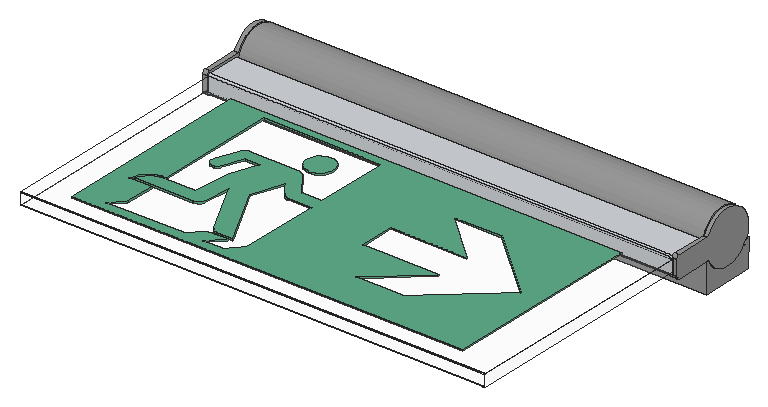
Revit family "0041748 Sylvania Lighting Fixture SylSafe Exit EX C EM3 MT DA", category Lighting Fixtures, host Face, Revit 2016
Family settings
  Host = Face
  Part Type = Normal
  Round Connector Dimension = Use Diameter
  OmniClass Number = 23.80.70.00
  OmniClass Title = Lighting
  Cut with Voids When Loaded = No
  Light Source = No
  Shared = No
  Room Calculation Point = No
Parameters (values of type "0041748 SylSafe Exit EX C EM3 MT DA Right")
  Width_SYL = 34 mm
  Weight = "0.0 kg"
  Wattage Comments = ""
  WarrantyStartDate [instance] = "n/a"
  WarrantyGuarantorParts = "n/a"
  WarrantyDurationUnit = "n/a"
  WarrantyDurationParts = "n/a"
  WarrantyDescription = "n/a"
  Voltage = 0 V
  URL = "http://www.sylvania-lighting.com"
  TypeSign_SYL = SylSafe EXIT Sign : Exit Arrow Right
  TypeName = "0041748 SylSafe Exit EX C EM3 MT DA Right"
  Type Image = <None>
  Type Comments = "n/a"
  SerialNumber [instance] = "n/a"
  RotationAngle_SYL [instance] = -90.00°
  RotatableArmThickness_SYL = 3 mm
  RadiusBody_SYL = Width_SYL / 2  # 17 mm
  Material_3_SYL = none
  PowerFactor = 0.6
  PowerConsumption = "2.2 W"
  NominalLength = 308 mm
  NominalHeight = 234 mm
  NominalDepth = 18 mm
  Name = "SylSafe Exit EX C EM3 MT DA Right"
  ModelReference = Name  # "SylSafe Exit EX C EM3 MT DA Right"
  ModelNumber = "0041748"
  Model = Name  # "SylSafe Exit EX C EM3 MT DA Right"
  Material = "n/a"
  ManufacturerName = "Feilo Sylvania"
  Manufacturer = "Feilo Sylvania"
  LuminousEfficacy = "n/a"
  LuminaireType = ""
  LightOutputRatio = "n/a"
  Length_SYL = 308 mm
  LampsType = Lamp  # "LED"
  LampNominalLuminous = "n/a"
  LampMacAdamStep = "n/a"
  LampColourTemperature = "5700 K"
  LampColourRenderingIndex = "80"
  Lamp = "LED"
  Keynote = "16500"
  InstallationDate [instance] = "n/a"
  InputVoltage = "n/a"
  InputNominalFrequency = "n/a"
  IngressProtection = "IP20"
  ImpactProtectionIndex = "IK03"
  IfcExportType = "IfcLightFixtureType"
  IfcExportAs = "IfcLightFixtureType"
  ExpectedLife = 50000
  EndAngle_SYL [instance] = RotationAngle_SYL + 180.00°  # 90.00°
  ElectricShockClassification = "Class II"
  DurationUnit = "hours"
  DocumentationLiterature = "http://www.sylvania-lighting.com/product/en-int/products/0041748"
  DimmingControlOptions = "n/a"
  Material_2_SYL = none
  Description = "SylSafe Exit EX C EM3 MT MS is a surface mounted emergency exit sign. Rotateable legend for wall / ceiling mounting applications. Comes with ISO7010 compliant legend pack. Arrows left, right, up, down and a blank sheet for single sided versions. EC legend pack is available as accessory. Viewing distance 26m. White housing colour.  Maintained 3hr emergency operation with NiMH rechargeable battery. Recharge period 24 hours. 2.2W, IK03, IP20. Power Factor 0.6. Class II electrical construction."
  Default Elevation = 1219.2 mm
  CreatedOn = "9/13/2018"
  CreatedBy = "@sylvania-lighting.com"
  Cost = 0
  built-in parameter 1114216 [instance] = (empty or 0)
  ClassificationValue = "EF_70_80"
  ClassificationName = "Uniclass2015"
  Material_1_SYL = PC/ABS Plastic
  BarCode [instance] = "n/a"
  AssetType = "Fixed"
  AssetIdentifier [instance] = "n/a"
  Assembly Code = "D5020200"
  Apparent Load = 2.2 VA
  Material_4_SYL = none
Types (4, lengths in mm): name | TypeSign_SYL | TypeName | Name | ModelReference | Model
  0041748 SylSafe Exit EX C EM3 MT DA Right | SylSafe EXIT Sign : Exit Arrow Right | "0041748 SylSafe Exit EX C EM3 MT DA Right" | "SylSafe Exit EX C EM3 MT DA Right" | "SylSafe Exit EX C EM3 MT DA Right" | "SylSafe Exit EX C EM3 MT DA Right"
  0041748 SylSafe Exit EX C EM3 MT DA Left | SylSafe EXIT Sign : Exit Arrow Left | "0041748 SylSafe Exit EX C EM3 MT DA Left" | "SylSafe Exit EX C EM3 MT DA Left" | "SylSafe Exit EX C EM3 MT DA Left" | "SylSafe Exit EX C EM3 MT DA Left"
  0041748 SylSafe Exit EX C EM3 MT DA Down | SylSafe EXIT Sign : Exit Arrow Down | "0041748 SylSafe Exit EX C EM3 MT DA Down" | "SylSafe Exit EX C EM3 MT DA Down" | "SylSafe Exit EX C EM3 MT DA Down" | "SylSafe Exit EX C EM3 MT DA Down"
  0041748 SylSafe Exit EX C EM3 MT DA Up | SylSafe EXIT Sign : Exit Arrow Up | "0041748 SylSafe Exit EX C EM3 MT DA Up" | "SylSafe Exit EX C EM3 MT DA Up" | "SylSafe Exit EX C EM3 MT DA Up" | "SylSafe Exit EX C EM3 MT DA Up"
Reference planes
  plane 1 "Center (Front/Back)": y = 0
  plane 2: z = 0
  plane 3 "Center (Left/Right)": x = 0
  plane 4: y = 17
  plane 5: y = -17
  plane 6: z = 25.937
  plane 7: x = -154
  plane 8: x = 154
  plane 9: x = -151
  plane 10: x = 151
  plane 11: z = 18.937
Forms (mm)
  Extrusion 1, solid, material "PC/ABS Plastic" <- "Material_1_SYL"
    sketch origin (0, 0, 0) x (0, 1, 0) y (0, 0, 1)
      loop
        line (-17, 0) -> (17, 0) -> (17, 25.937)
        arc (17, 25.937) -> (0, 42.937) -> (-17, 25.937) r 17
        line (-17, 25.937) -> (-17, 0)
    from -154 to 154
  Extrusion 2, void
    sketch origin (0, 0, 0) x (0, 1, 0) y (0, 0, 1)
      loop
        arc (-15.492, 18.937) -> (0, 8.937) -> (15.492, 18.937) r 17
        line (15.492, 18.937) -> (17, 18.937) -> (17, 25.937)
        arc (17, 25.937) -> (0, 42.937) -> (-17, 25.937) r 17
        line (-17, 25.937) -> (-17, 18.937) -> (-15.492, 18.937)
    from 151 to 154
  Extrusion 3, void
    sketch origin (0, 0, 0) x (0, 1, 0) y (0, 0, 1)
      loop
        arc (-15.492, 18.937) -> (0, 8.937) -> (15.492, 18.937) r 17
        line (15.492, 18.937) -> (17, 18.937) -> (17, 25.937)
        arc (17, 25.937) -> (0, 42.937) -> (-17, 25.937) r 17
        line (-17, 25.937) -> (-17, 18.937) -> (-15.492, 18.937)
    from -154 to -151
  Revolve 4, solid, not visible
    sketch origin (0, 1219.2, 25.937) x (1, 0, 0) y (0, 1, 0)
      loop
        line (0, -1219.2) -> (0, -1209.2) -> (-54.574, -1209.2) -> (-54.574, -1219.2) -> (0, -1219.2)
      axis (0, -1219.2) -> (-54.574, -1219.2)
    angle from -90 <- "RotationAngle_SYL" to 90 <- "EndAngle_SYL"
Cuts and joins
  Extrusion 2, Extrusion 3 cuts Extrusion 1
Lines and regions (mm)
  reference lines
    curve 1: circle (0, 0, 25.937) r 17 normal (1, 0, 0)
Dimensions and locks
  locked: plane 6 to plane 2 at 25.938
  equal spacing: plane 5, plane 1 "Center (Front/Back)", plane 4
  "Width_SYL": plane 5 to plane 4
  equal spacing: plane 8, plane 3 "Center (Left/Right)", plane 7
  equal spacing: plane 10, plane 3 "Center (Left/Right)", plane 9
  "Length_SYL": plane 8 to plane 7
  "RotatableArmThickness_SYL": plane 9 to plane 7
  locked: plane 11 to plane 6 at 7
  "RadiusBody_SYL": radius of curve 1
  aligned and locked: plane 2 to host face
  aligned and locked: level to host face
  aligned and locked: plane 1 "Center (Front/Back)" to curve 1
  aligned and locked: plane 6 to curve 1
  aligned and locked: Extrusion 1 sketch curve to level
  aligned and locked: Extrusion 1 sketch curve to plane 4
  aligned and locked: Extrusion 1 sketch curve to curve 1
  aligned and locked: plane 8 to Extrusion 1
  aligned and locked: Extrusion 1 to plane 7
  aligned and locked: plane 8 to Extrusion 2
  aligned and locked: Extrusion 2 to plane 10
  aligned and locked: Extrusion 3 to plane 7
  aligned and locked: plane 9 to Extrusion 3
  aligned and locked: Extrusion 3 sketch curve to curve 1
  aligned and locked: Extrusion 3 sketch curve to plane 4
  aligned and locked: Extrusion 3 sketch curve to plane 5
  aligned and locked: Extrusion 3 sketch curve to plane 11
  aligned and locked: Extrusion 2 sketch curve to curve 1
  aligned and locked: Extrusion 2 sketch curve to plane 4
  aligned and locked: Extrusion 2 sketch curve to plane 5
  aligned and locked: Extrusion 2 sketch curve to plane 11
  aligned and locked: plane 11 to Extrusion 2 sketch curve
  aligned and locked: Extrusion 2 sketch curve to cut or joined group of Extrusion 1, Extrusion 2, Extrusion 3
  aligned and locked: Revolve 4 sketch curve to plane 1 "Center (Front/Back)"
  aligned and locked: Revolve 4 sketch curve to curve 1  (x2)
  aligned and locked: nested 1 to plane 3 "Center (Left/Right)"
Automatic sketch dimensions
  host sketch curve to host sketch curve = 2438.4 mm  (x2)
  plane 6 to Extrusion 1 sketch curve = 0 mm
  plane 11 to Extrusion 3 sketch curve = 0 mm  (x2)
  Extrusion 3 sketch curve to plane 6 = 0 mm
  Extrusion 3 sketch curve to Extrusion 3 sketch curve = 0 mm
  plane 1 "Center (Front/Back)" to Revolve 4 sketch curve = 0 mm
  Revolve 4 sketch curve to plane 3 "Center (Left/Right)" = 54.574 mm
  plane 4 to Revolve 4 sketch curve = 7 mm
  Revolve 4 sketch curve to plane 7 = 1370 mm
  plane 8 to Revolve 4 sketch curve = 1370 mm
Nested families
  nested 1: "SylSafe EXIT Sign" at (0, 0, 25.937) x (-1, 0, 0) z (0, -1, 0), type <- "TypeSign_SYL", type "Exit Arrow Right"
    with built-in parameter 1114216 (empty or 0)
Definition of nested family "SylSafe EXIT Sign"
  Parameters (values of type "Exit Arrow Up")
    WidthArmSign_SYL = 34 mm
    Wattage Comments = "n/a"
    Wattage = 2.2 W
    built-in parameter 1150110 = 1 (stored number, unit not read)
    Up_SYL = yes
    URL = "http://www.sylvania-lighting.com"
    Type Image = (empty or 0)
    Type Comments = "n/a"
    built-in parameter 1114217 = 1 (stored number, unit not read)
    ThicknessLabel_SYL = 0.8 mm
    ThicknessArmSign_SYL = 3 mm
    built-in parameter 1150109 = 1 (stored number, unit not read)
    built-in parameter 1150134 = 5
    built-in parameter 1150113 = 1 (stored number, unit not read)
    Right_SYL = no
    RadiusArmSign_SYL = WidthArmSign_SYL / 2  # 17 mm
    Material_3_SYL = none
    Model = ""
    Manufacturer = "Feilo Sylvania"
    built-in parameter 1150105 = 70.028 (stored number, unit not read)
    Lumens = 220 lm
    built-in parameter 1150115 = 1 (stored number, unit not read)
    Light Source Symbol Size = 100 mm
    built-in parameter 1150137 = (empty or 0)
    built-in parameter 1150139 = (empty or 0)
    LengthSign_SYL = 308 mm
    Left_SYL = no
    built-in parameter 1150112 = 1 (stored number, unit not read)
    built-in parameter 1150114 = 1 (stored number, unit not read)
    Lamp = "LED"
    Keynote = "16500"
    Material_2_SYL = none
    built-in parameter 1150132 = (empty or 0)
    built-in parameter 1150102 = (empty or 0)
    built-in parameter 1150107 = 6000 (stored number, unit not read)
    built-in parameter 1150138 = (empty or 0)
    built-in parameter 1150106 = 0.70028 (stored number, unit not read)
    Emit from Line Length = LengthSign_SYL - 2 * ThicknessArmSign_SYL  # 302 mm
    built-in parameter 1150104 = 9.2903 (stored number, unit not read)
    Down_SYL = no
    Dimming Lamp Color Temperature Shift = (empty or 0)
    Description = ""
    Default Elevation = 1219.2 mm
    Cost = 0
    Color Filter = 16777215
    built-in parameter 1114216 [instance] = (empty or 0)
    Material_1_SYL = none
    built-in parameter 1114218 = 1 (stored number, unit not read)
    built-in parameter 1150133 = 10 (stored number, unit not read)
    Assembly Code = "D5020200"
    Apparent Load = 2.2 VA
    Material_4_SYL = none
  Types (4, lengths in mm): name | Up_SYL | Right_SYL | Left_SYL | Down_SYL | Apparent Load
    Exit Arrow Right | no | yes | no | no | 2.2 VA
    Exit Arrow Left | no | no | yes | no | 2.2 VA
    Exit Arrow Up | yes | no | no | no | 2.2 VA
    Exit Arrow Down | no | no | no | yes | 0 VA
  Reference planes
    plane 1 "Center (Front/Back)": y = 0
    plane 2: z = 0
    plane 3 "Center (Left/Right)": x = 0
    plane 4: x = 154
    plane 5: x = -154
    plane 6: x = -151
    plane 7: x = 151
    plane 8: y = 17
    plane 9: y = -17
    plane 10: y = -7
    plane 11: y = 7
    plane 12: z = 40.75
    plane 13: z = 192.937
    plane 14: y = 4
    plane 15: y = -4
    plane 16: z = 17.812
    plane 17: y = -6
    plane 18: y = 6
    plane 19: x = -127
    plane 20: x = 127
    plane 21: z = 116.844
    plane 22: z = 181.344
    plane 23: z = 52.344
    plane 24: x = 69
    plane 25: y = -4.8
  Forms (mm)
    Extrusion 1, solid
      sketch origin (4.2, 0, 0) x (1, 0, 0) y (0, 1, 0)
        loop
          line (-1219.2, 1219.2) -> (-1219.2, -1219.2) -> (1219.2, -1219.2) -> (1219.2, 1219.2) -> (-1219.2, 1219.2)
      from 0 to -68.017
    Extrusion 2, solid, material <- "Material_1_SYL"
      sketch origin (0, 0, 0) x (0, 1, 0) y (0, 0, 1)
        loop
          arc (-7, 15.492) -> (0, -17) -> (7, 15.492) r 17
          line (7, 15.492) -> (7, 38.75)
          arc (7, 38.75) -> (6.414, 40.164) -> (5, 40.75) r 2
          line (5, 40.75) -> (-5, 40.75)
          arc (-5, 40.75) -> (-6.414, 40.164) -> (-7, 38.75) r 2
          line (-7, 38.75) -> (-7, 15.492)
      from 151 to 154
    Extrusion 3, solid, material <- "Material_1_SYL"
      sketch origin (0, 0, 0) x (0, 1, 0) y (0, 0, 1)
        loop
          line (7, 15.492) -> (7, 38.75)
          arc (7, 38.75) -> (6.414, 40.164) -> (5, 40.75) r 2
          line (5, 40.75) -> (-5, 40.75)
          arc (-5, 40.75) -> (-6.414, 40.164) -> (-7, 38.75) r 2
          line (-7, 38.75) -> (-7, 15.492)
          arc (-7, 15.492) -> (0, -17) -> (7, 15.492) r 17
      from -154 to -151
    Extrusion 4, solid
      sketch origin (0, 0, 0) x (0, 1, 0) y (0, 0, 1)
        loop
          arc (-5, 40.75) -> (-5.707, 40.457) -> (-6, 39.75) r 1
          line (-6, 39.75) -> (-6, 17.812) -> (6, 17.812) -> (6, 39.75)
          arc (6, 39.75) -> (5.707, 40.457) -> (5, 40.75) r 1
          line (5, 40.75) -> (-5, 40.75)
      from -151 to 151
    Extrusion 5, solid, material <- "Material_3_SYL"
      sketch origin (0, 0, 0) x (0, 1, 0) y (0, 0, 1)
        loop
          line (-4, 40.75) -> (4, 40.75) -> (4, 192.437)
          arc (4, 192.437) -> (3.854, 192.791) -> (3.5, 192.937) r 0.5
          line (3.5, 192.937) -> (-3.5, 192.937)
          arc (-3.5, 192.937) -> (-3.854, 192.791) -> (-4, 192.437) r 0.5
          line (-4, 192.437) -> (-4, 40.75)
      from -151 to 151
    Extrusion 6, solid, material <- "Material_2_SYL", visible <- "Left_SYL"
      sketch origin (351.989, -4, 160.163) x (0, 0, -1) y (1, 0, 0)
        loop
          circle (83.224, -400.985) r 8.928
        loop
          line (103.064, -376.624) -> (54.298, -376.624) -> (54.298, -389.842) -> (68.839, -400.8)
          arc (68.839, -400.8) -> (70.752, -403.1) -> (71.438, -406.013) r 6.527
          line (71.438, -406.013) -> (71.438, -437.202)
          arc (71.438, -437.202) -> (70.533, -440.07) -> (68.148, -441.9) r 5
          line (68.148, -441.9) -> (54.122, -447.006)
          arc (54.122, -447.006) -> (48.704, -444.479) -> (51.23, -439.062) r 4.227
          line (51.23, -439.062) -> (63.917, -434.444) -> (63.917, -424.745) -> (45.498, -431.449) -> (22.611, -433.451) -> (22.611, -453.451)
          arc (22.611, -453.451) -> (20.093, -461.05) -> (13.536, -465.642) r 12.726
          line (13.536, -465.642) -> (13.536, -427.917)
          arc (13.536, -427.917) -> (14.85, -424.539) -> (18.101, -422.936) r 5
          line (18.101, -422.936) -> (34.389, -421.511) -> (-1.786, -402.276)
          arc (-1.786, -402.276) -> (-3.724, -400.437) -> (-4.439, -397.862) r 5
          line (-4.439, -397.862) -> (-4.439, -387.433) -> (36.957, -409.444) -> (56.364, -402.38) -> (48.001, -396.079)
          arc (48.001, -396.079) -> (46.372, -394.119) -> (45.788, -391.639) r 5.559
          line (45.788, -391.639) -> (45.788, -376.624) -> (-6.717, -376.624) -> (-15.183, -385.09) -> (-15.183, -398.574) -> (-6.18, -389.57) -> (-6.18, -399.078)
          arc (-6.18, -399.078) -> (-6.609, -401.235) -> (-7.83, -403.063) r 5.636
          line (-7.83, -403.063) -> (-15.183, -410.416) -> (-15.183, -461.609) -> (-7.025, -453.451) -> (11.73, -453.451) -> (11.73, -468.109)
          arc (11.73, -468.109) -> (20.743, -463.076) -> (24.473, -453.451) r 15.223
          line (24.473, -453.451) -> (103.064, -453.451) -> (103.064, -376.624)
        loop
          line (107.819, -224.989) -> (-21.181, -224.989) -> (-21.181, -478.989) -> (107.819, -478.989) -> (107.819, -224.989)
        loop
          line (54.815, -332.184) -> (54.815, -282.989) -> (82.944, -314.229) -> (82.944, -282.989) -> (43.319, -238.982) -> (3.695, -282.989) -> (3.695, -314.229) -> (31.823, -282.989) -> (31.823, -332.184) -> (54.815, -332.184)
      from 0 to 0.8
    Extrusion 7, solid, material <- "Material_2_SYL", visible <- "Up_SYL"
      sketch origin (0, -4, -609.6) x (0, 0, -1) y (1, 0, 0)
        loop
          line (-784.946, -33.101) -> (-784.946, -46.585) -> (-775.943, -37.581) -> (-775.943, -47.089)
          arc (-775.943, -47.089) -> (-776.372, -49.246) -> (-777.593, -51.074) r 5.636
          line (-777.593, -51.074) -> (-784.946, -58.427) -> (-784.946, -109.62) -> (-776.788, -101.462) -> (-758.032, -101.462) -> (-758.032, -116.12)
          arc (-758.032, -116.12) -> (-749.02, -111.087) -> (-745.29, -101.462) r 15.223
          line (-745.29, -101.462) -> (-666.699, -101.462) -> (-666.699, -24.635) -> (-715.465, -24.635) -> (-715.465, -37.853) -> (-700.924, -48.811)
          arc (-700.924, -48.811) -> (-699.011, -51.111) -> (-698.325, -54.024) r 6.527
          line (-698.325, -54.024) -> (-698.325, -85.213)
          arc (-698.325, -85.213) -> (-699.23, -88.081) -> (-701.615, -89.912) r 5
          line (-701.615, -89.912) -> (-715.641, -95.017)
          arc (-715.641, -95.017) -> (-721.059, -92.49) -> (-718.533, -87.073) r 4.227
          line (-718.533, -87.073) -> (-705.846, -82.455) -> (-705.846, -72.756) -> (-724.265, -79.46) -> (-747.152, -81.462) -> (-747.152, -101.462)
          arc (-747.152, -101.462) -> (-749.67, -109.061) -> (-756.227, -113.653) r 12.726
          line (-756.227, -113.653) -> (-756.227, -75.928)
          arc (-756.227, -75.928) -> (-754.913, -72.55) -> (-751.662, -70.947) r 5
          line (-751.662, -70.947) -> (-735.374, -69.522) -> (-771.549, -50.287)
          arc (-771.549, -50.287) -> (-773.487, -48.448) -> (-774.202, -45.873) r 5
          line (-774.202, -45.873) -> (-774.202, -35.444) -> (-732.806, -57.455) -> (-713.399, -50.391) -> (-721.762, -44.09)
          arc (-721.762, -44.09) -> (-723.391, -42.13) -> (-723.975, -39.65) r 5.559
          line (-723.975, -39.65) -> (-723.975, -24.635) -> (-776.48, -24.635) -> (-784.946, -33.101)
        loop
          circle (-686.539, -48.996) r 8.928
        loop
          line (-723.85, 77.902) -> (-773.045, 77.902) -> (-773.045, 54.91) -> (-723.85, 54.91) -> (-755.09, 26.782) -> (-723.85, 26.782) -> (-679.843, 66.406) -> (-723.85, 106.031) -> (-755.09, 106.031) -> (-723.85, 77.902)
        loop
          line (-790.944, -127) -> (-661.944, -127) -> (-661.944, 127) -> (-790.944, 127) -> (-790.944, -127)
      from 0 to 0.8
    Extrusion 8, solid, material <- "Material_2_SYL", visible <- "Down_SYL"
      sketch origin (0, -4, -609.6) x (0, 0, -1) y (1, 0, 0)
        loop
          line (-715.465, -37.853) -> (-700.924, -48.811)
          arc (-700.924, -48.811) -> (-699.011, -51.111) -> (-698.325, -54.024) r 6.527
          line (-698.325, -54.024) -> (-698.325, -85.213)
          arc (-698.325, -85.213) -> (-699.23, -88.081) -> (-701.615, -89.912) r 5
          line (-701.615, -89.912) -> (-715.641, -95.017)
          arc (-715.641, -95.017) -> (-721.059, -92.49) -> (-718.533, -87.073) r 4.227
          line (-718.533, -87.073) -> (-705.846, -82.455) -> (-705.846, -72.756) -> (-724.265, -79.46) -> (-747.152, -81.462) -> (-747.152, -101.462)
          arc (-747.152, -101.462) -> (-749.67, -109.061) -> (-756.227, -113.653) r 12.726
          line (-756.227, -113.653) -> (-756.227, -75.928)
          arc (-756.227, -75.928) -> (-754.913, -72.55) -> (-751.662, -70.947) r 5
          line (-751.662, -70.947) -> (-735.374, -69.522) -> (-771.549, -50.287)
          arc (-771.549, -50.287) -> (-773.487, -48.448) -> (-774.202, -45.873) r 5
          line (-774.202, -45.873) -> (-774.202, -35.444) -> (-732.806, -57.455) -> (-713.399, -50.391) -> (-721.762, -44.09)
          arc (-721.762, -44.09) -> (-723.391, -42.13) -> (-723.975, -39.65) r 5.559
          line (-723.975, -39.65) -> (-723.975, -24.635) -> (-776.48, -24.635) -> (-784.946, -33.101) -> (-784.946, -46.585) -> (-775.943, -37.581) -> (-775.943, -47.089)
          arc (-775.943, -47.089) -> (-776.372, -49.246) -> (-777.593, -51.074) r 5.636
          line (-777.593, -51.074) -> (-784.946, -58.427) -> (-784.946, -109.62) -> (-776.788, -101.462) -> (-758.032, -101.462) -> (-758.032, -116.12)
          arc (-758.032, -116.12) -> (-749.02, -111.087) -> (-745.29, -101.462) r 15.223
          line (-745.29, -101.462) -> (-666.699, -101.462) -> (-666.699, -24.635) -> (-715.465, -24.635) -> (-715.465, -37.853)
        loop
          circle (-686.539, -48.996) r 8.928
        loop
          line (-790.944, -127) -> (-661.944, -127) -> (-661.944, 127) -> (-790.944, 127) -> (-790.944, -127)
        loop
          line (-679.843, 54.91) -> (-679.843, 77.902) -> (-729.038, 77.902) -> (-697.798, 106.031) -> (-729.038, 106.031) -> (-773.045, 66.406) -> (-729.038, 26.782) -> (-697.798, 26.782) -> (-729.038, 54.91) -> (-679.843, 54.91)
      from 0 to 0.8
    Extrusion 9, solid, material <- "Material_2_SYL", visible <- "Right_SYL"
      sketch origin (0, -4, -609.6) x (0, 0, -1) y (1, 0, 0)
        loop
          line (-732.806, 57.455) -> (-774.202, 35.444) -> (-774.202, 45.873)
          arc (-774.202, 45.873) -> (-773.487, 48.448) -> (-771.549, 50.287) r 5
          line (-771.549, 50.287) -> (-735.374, 69.522) -> (-751.662, 70.947)
          arc (-751.662, 70.947) -> (-754.913, 72.55) -> (-756.227, 75.928) r 5
          line (-756.227, 75.928) -> (-756.227, 113.653)
          arc (-756.227, 113.653) -> (-749.67, 109.061) -> (-747.152, 101.462) r 12.726
          line (-747.152, 101.462) -> (-747.152, 81.462) -> (-724.265, 79.46) -> (-705.846, 72.756) -> (-705.846, 82.455) -> (-718.533, 87.073)
          arc (-718.533, 87.073) -> (-721.059, 92.49) -> (-715.641, 95.017) r 4.227
          line (-715.641, 95.017) -> (-701.615, 89.912)
          arc (-701.615, 89.912) -> (-699.23, 88.081) -> (-698.325, 85.213) r 5
          line (-698.325, 85.213) -> (-698.325, 54.024)
          arc (-698.325, 54.024) -> (-699.011, 51.111) -> (-700.924, 48.811) r 6.527
          line (-700.924, 48.811) -> (-715.465, 37.853) -> (-715.465, 24.635) -> (-666.699, 24.635) -> (-666.699, 101.462) -> (-745.29, 101.462)
          arc (-745.29, 101.462) -> (-749.02, 111.087) -> (-758.032, 116.12) r 15.223
          line (-758.032, 116.12) -> (-758.032, 101.462) -> (-776.788, 101.462) -> (-784.946, 109.62) -> (-784.946, 58.427) -> (-777.593, 51.074)
          arc (-777.593, 51.074) -> (-776.372, 49.246) -> (-775.943, 47.089) r 5.636
          line (-775.943, 47.089) -> (-775.943, 37.581) -> (-784.946, 46.585) -> (-784.946, 33.101) -> (-776.48, 24.635) -> (-723.975, 24.635) -> (-723.975, 39.65)
          arc (-723.975, 39.65) -> (-723.391, 42.13) -> (-721.762, 44.09) r 5.559
          line (-721.762, 44.09) -> (-713.399, 50.391) -> (-732.806, 57.455)
        loop
          circle (-686.539, 48.996) r 8.928
        loop
          line (-766.068, -37.76) -> (-766.068, -69) -> (-726.444, -113.007) -> (-686.819, -69) -> (-686.819, -37.76) -> (-714.948, -69) -> (-714.948, -19.805) -> (-737.94, -19.805) -> (-737.94, -69) -> (-766.068, -37.76)
        loop
          line (-790.944, -127) -> (-661.944, -127) -> (-661.944, 127) -> (-790.944, 127) -> (-790.944, -127)
      from 0 to 0.8
  Lines and regions (mm)
    reference lines
      curve 1: circle (0, 0, 0) r 17 normal (1, 0, 0)
  Dimensions and locks
    equal spacing: plane 4, plane 3 "Center (Left/Right)", plane 5
    "LengthSign_SYL": plane 4 to plane 5
    equal spacing: plane 7, plane 3 "Center (Left/Right)", plane 6
    "ThicknessArmSign_SYL": plane 6 to plane 5
    equal spacing: plane 9, plane 1 "Center (Front/Back)", plane 8
    "WidthArmSign_SYL": plane 9 to plane 8
    equal spacing: plane 10, plane 1 "Center (Front/Back)", plane 11
    locked: plane 10 to plane 11 at 14
    equal spacing: plane 15, plane 1 "Center (Front/Back)", plane 14
    locked: plane 15 to plane 14 at 8
    locked: plane 12 to plane 2 at 40.75
    locked: plane 16 to plane 12 at 22.937
    equal spacing: plane 17, plane 1 "Center (Front/Back)", plane 18
    locked: plane 10 to plane 17 at 1
    equal spacing: plane 13, plane 21, plane 12
    equal spacing: plane 20, plane 3 "Center (Left/Right)", plane 19
    locked: plane 20 to plane 19 at 254
    equal spacing: plane 22, plane 21, plane 23
    locked: plane 22 to plane 23 at 129
    locked: plane 20 to plane 24 at 58
    "ThicknessLabel_SYL": plane 25 to plane 15
    "RadiusArmSign_SYL": radius of curve 1
    aligned and locked: plane 2 to Extrusion 1
    aligned and locked: level to Extrusion 1
    aligned and locked: plane 1 "Center (Front/Back)" to curve 1
    aligned and locked: plane 2 to curve 1
    aligned and locked: Extrusion 2 sketch curve to curve 1
    aligned and locked: Extrusion 2 sketch curve to plane 11
    aligned and locked: Extrusion 2 sketch curve to plane 10
    aligned and locked: Extrusion 2 sketch curve to plane 12
    aligned and locked: plane 4 to Extrusion 2
    aligned and locked: Extrusion 2 to plane 7
    aligned and locked: Extrusion 3 sketch curve to Extrusion 2  (x4)
    aligned and locked: Extrusion 3 to plane 5
    aligned and locked: plane 6 to Extrusion 3
    aligned and locked: plane 12 to Extrusion 4 sketch curve
    aligned and locked: Extrusion 4 sketch curve to plane 17
    aligned and locked: Extrusion 4 sketch curve to plane 16
    aligned and locked: plane 18 to Extrusion 4 sketch curve
    aligned and locked: plane 7 to Extrusion 4
    aligned and locked: Extrusion 4 to plane 6
    aligned and locked: plane 12 to Extrusion 5 sketch curve
    aligned and locked: plane 15 to Extrusion 5 sketch curve
    aligned and locked: Extrusion 5 sketch curve to plane 13
    aligned and locked: Extrusion 5 sketch curve to plane 14
    aligned and locked: plane 7 to Extrusion 5
    aligned and locked: Extrusion 5 to plane 6
    aligned and locked: Extrusion 6 to plane 22
    aligned and locked: Extrusion 6 to plane 19
    aligned and locked: plane 20 to Extrusion 6
    aligned and locked: plane 23 to Extrusion 6
    aligned and locked: plane 24 to Extrusion 6 sketch curve
    aligned and locked: plane 21 to Extrusion 6 sketch curve
    aligned and locked: Extrusion 7 sketch curve to Extrusion 6  (x13)
    aligned and locked: Extrusion 6 to Extrusion 7
    aligned and locked: Extrusion 7 to plane 15
    aligned and locked: plane 19 to Extrusion 7 sketch curve
    aligned and locked: plane 22 to Extrusion 7 sketch curve
    aligned and locked: Extrusion 7 sketch curve to plane 23
    aligned and locked: Extrusion 7 sketch curve to plane 20
    aligned and locked: plane 25 to Extrusion 7
    aligned and locked: Extrusion 7 to Extrusion 5
    aligned and locked: Extrusion 8 sketch curve to Extrusion 7  (x37)
    aligned and locked: Extrusion 8 to plane 15
    aligned and locked: plane 25 to Extrusion 8
    aligned and locked: Extrusion 9 sketch curve to Extrusion 6  (x4)
    aligned and locked: Extrusion 9 to plane 15
    aligned and locked: Extrusion 9 to Extrusion 5
    aligned and locked: plane 25 to Extrusion 9
    aligned and locked: plane 12 to imposter light
    aligned and locked: plane 3 "Center (Left/Right)" to imposter light
    aligned and locked: plane 1 "Center (Front/Back)" to imposter light
  Automatic sketch dimensions
    Extrusion 1 sketch curve to Extrusion 1 sketch curve = 2438.4 mm  (x2)
    plane 15 to Extrusion 2 sketch curve = 1 mm
    Extrusion 2 sketch curve to plane 14 = 1 mm
    plane 12 to Extrusion 4 sketch curve = 1 mm
    Extrusion 4 sketch curve to plane 14 = 1 mm
    Extrusion 5 sketch curve to Extrusion 5 sketch curve = 0.5 mm  (x2)
    Extrusion 5 to Extrusion 6 sketch curve = 69.231 mm
    Extrusion 6 sketch curve to Extrusion 6 sketch curve = 2.568 mm
    Extrusion 6 sketch curve to Extrusion 6 sketch curve = 11.496 mm
    Extrusion 6 sketch curve to Extrusion 6 sketch curve = 9.916 mm
    Extrusion 6 sketch curve to Extrusion 6 sketch curve = 1.862 mm
    Extrusion 6 sketch curve to Extrusion 6 sketch curve = 4.075 mm
    Extrusion 6 sketch curve to Extrusion 6 sketch curve = 0.436 mm
    Extrusion 6 sketch curve to Extrusion 6 sketch curve = 9.075 mm
    Extrusion 6 sketch curve to Extrusion 6 sketch curve = 10.88 mm
    Extrusion 6 sketch curve to Extrusion 6 sketch curve = 1.845 mm
    Extrusion 6 sketch curve to Extrusion 6 sketch curve = 0.631 mm
    Extrusion 6 sketch curve to Extrusion 6 sketch curve = 28.129 mm  (x2)
    Extrusion 6 sketch curve to Extrusion 6 sketch curve = 17.539 mm
    Extrusion 6 sketch curve to Extrusion 6 sketch curve = 2.347 mm
    Extrusion 6 sketch curve to Extrusion 6 sketch curve = 5 mm  (x2)
    Extrusion 6 sketch curve to Extrusion 6 sketch curve = 1.741 mm
    Extrusion 6 sketch curve to Extrusion 6 sketch curve = 2.278 mm
    Extrusion 6 sketch curve to Extrusion 6 sketch curve = 16.279 mm
    Extrusion 6 sketch curve to Extrusion 6 sketch curve = 1.651 mm
    Extrusion 6 sketch curve to Extrusion 6 sketch curve = 3.985 mm
    Extrusion 6 sketch curve to Extrusion 6 sketch curve = 8.158 mm  (x2)
    Extrusion 6 sketch curve to Extrusion 6 sketch curve = 3.367 mm
    Extrusion 5 to Extrusion 6 sketch curve = 11.094 mm
    Extrusion 6 sketch curve to Extrusion 6 sketch curve = 11.109 mm
    Extrusion 6 sketch curve to Extrusion 6 sketch curve = 8.831 mm
    Extrusion 6 sketch curve to Extrusion 6 sketch curve = 2.214 mm
    Extrusion 6 sketch curve to Extrusion 6 sketch curve = 5.733 mm
    Extrusion 6 sketch curve to Extrusion 6 sketch curve = 3.346 mm
    Extrusion 6 sketch curve to Extrusion 6 sketch curve = 1.446 mm  (x2)
    Extrusion 6 sketch curve to Extrusion 6 sketch curve = 2.95 mm
    Extrusion 6 sketch curve to Extrusion 6 sketch curve = 22.992 mm
    Extrusion 6 sketch curve to Extrusion 6 sketch curve = 8.362 mm
    Extrusion 6 sketch curve to Extrusion 6 sketch curve = 12.686 mm
    Extrusion 6 sketch curve to Extrusion 6 sketch curve = 8.547 mm
    Extrusion 6 sketch curve to Extrusion 6 sketch curve = 2.521 mm
    Extrusion 6 sketch curve to Extrusion 6 sketch curve = 1.71 mm
    Extrusion 6 sketch curve to Extrusion 6 sketch curve = 3.928 mm
    Extrusion 6 sketch curve to Extrusion 6 sketch curve = 11.787 mm
    Extrusion 6 sketch curve to Extrusion 5 = 16.349 mm
    Extrusion 6 sketch curve to Extrusion 5 = 11.594 mm
    Extrusion 6 sketch curve to Extrusion 6 sketch curve = 0 mm  (x5)
    Extrusion 6 sketch curve to Extrusion 6 sketch curve = 31.24 mm  (x2)
    Extrusion 6 sketch curve to Extrusion 6 sketch curve = 62.395 mm
    Extrusion 6 sketch curve to Extrusion 6 sketch curve = 8.466 mm
    Extrusion 6 sketch curve to Extrusion 6 sketch curve = 2.343 mm
    Extrusion 6 sketch curve to Extrusion 6 sketch curve = 2.137 mm
    Extrusion 6 sketch curve to Extrusion 6 sketch curve = 13.219 mm
    Extrusion 6 sketch curve to Extrusion 6 sketch curve = 1.796 mm
    Extrusion 6 sketch curve to Extrusion 6 sketch curve = 8.291 mm
    Extrusion 6 sketch curve to Extrusion 6 sketch curve = 0.712 mm
    Extrusion 6 sketch curve to Extrusion 6 sketch curve = 1.216 mm
    Extrusion 6 sketch curve to Extrusion 6 sketch curve = 10.957 mm
    Extrusion 6 sketch curve to Extrusion 6 sketch curve = 5.027 mm
    Extrusion 6 sketch curve to Extrusion 6 sketch curve = 3.633 mm
    Extrusion 6 sketch curve to Extrusion 6 sketch curve = 13.365 mm
    Extrusion 6 sketch curve to Extrusion 6 sketch curve = 7.353 mm
    Extrusion 6 sketch curve to Extrusion 6 sketch curve = 12.067 mm
    Extrusion 6 sketch curve to Extrusion 6 sketch curve = 1.425 mm
    Extrusion 6 sketch curve to Extrusion 6 sketch curve = 18.732 mm
    Extrusion 6 sketch curve to Extrusion 6 sketch curve = 9.938 mm
    Extrusion 6 sketch curve to Extrusion 6 sketch curve = 5.534 mm
    Extrusion 6 sketch curve to Extrusion 6 sketch curve = 9.699 mm
    Extrusion 6 sketch curve to Extrusion 6 sketch curve = 2.758 mm
    Extrusion 6 sketch curve to Extrusion 6 sketch curve = 7.613 mm
    Extrusion 6 sketch curve to Extrusion 6 sketch curve = 3.972 mm
    Extrusion 6 sketch curve to Extrusion 6 sketch curve = 19.638 mm
    Extrusion 6 sketch curve to Extrusion 6 sketch curve = 0.362 mm
    Extrusion 6 sketch curve to Extrusion 6 sketch curve = 16.249 mm
    Extrusion 5 to Extrusion 6 sketch curve = 24 mm  (x2)
    Extrusion 5 to Extrusion 6 sketch curve = 37.993 mm
    Extrusion 6 sketch curve to Extrusion 6 sketch curve = 17.955 mm
    Extrusion 7 sketch curve to Extrusion 7 sketch curve = 1.651 mm
    Extrusion 7 sketch curve to Extrusion 7 sketch curve = 8.158 mm
    Extrusion 7 sketch curve to Extrusion 7 sketch curve = 2.278 mm
    plane 24 to Extrusion 7 sketch curve = 8.902 mm
    plane 22 to Extrusion 7 sketch curve = 17.899 mm
    Extrusion 7 sketch curve to Extrusion 7 sketch curve = 2.347 mm
    Extrusion 7 sketch curve to Extrusion 7 sketch curve = 4.283 mm
    Extrusion 7 sketch curve to Extrusion 7 sketch curve = 0.631 mm
    Extrusion 7 sketch curve to Extrusion 7 sketch curve = 1.845 mm
    Extrusion 7 sketch curve to plane 21 = 28.646 mm  (x2)
    Extrusion 7 sketch curve to Extrusion 7 sketch curve = 4.564 mm
    Extrusion 7 sketch curve to Extrusion 7 sketch curve = 0.436 mm
    Extrusion 7 sketch curve to Extrusion 7 sketch curve = 10.88 mm
    Extrusion 7 sketch curve to Extrusion 7 sketch curve = 1.862 mm
    Extrusion 7 sketch curve to plane 21 = 8.93 mm
    Extrusion 7 sketch curve to plane 21 = 6.362 mm
    plane 21 to Extrusion 7 sketch curve = 2.179 mm
    plane 21 to Extrusion 7 sketch curve = 2.469 mm
    plane 21 to Extrusion 7 sketch curve = 2.594 mm  (x4)
    plane 21 to Extrusion 7 sketch curve = 4.682 mm
    plane 21 to Extrusion 7 sketch curve = 7.911 mm
    Extrusion 7 sketch curve to Extrusion 7 sketch curve = 5.559 mm
    Extrusion 7 sketch curve to Extrusion 7 sketch curve = 1.446 mm  (x2)
    Extrusion 7 sketch curve to Extrusion 7 sketch curve = 8.51 mm
    Extrusion 7 sketch curve to Extrusion 7 sketch curve = 8.362 mm
    Extrusion 7 sketch curve to Extrusion 7 sketch curve = 12.686 mm
    Extrusion 7 sketch curve to Extrusion 7 sketch curve = 8.547 mm
    Extrusion 7 sketch curve to Extrusion 7 sketch curve = 2.521 mm
    Extrusion 7 sketch curve to Extrusion 7 sketch curve = 1.71 mm
    Extrusion 7 sketch curve to Extrusion 7 sketch curve = 5.458 mm
    Extrusion 7 sketch curve to Extrusion 7 sketch curve = 2.859 mm
    Extrusion 7 sketch curve to plane 24 = 2.594 mm
    Extrusion 7 sketch curve to plane 23 = 17.899 mm
    Extrusion 7 sketch curve to plane 23 = 4.755 mm
    plane 19 to Extrusion 7 sketch curve = 10.88 mm
    Extrusion 7 sketch curve to Extrusion 7 sketch curve = 2.467 mm
    Extrusion 7 sketch curve to Extrusion 7 sketch curve = 0 mm  (x2)
    Extrusion 7 sketch curve to Extrusion 7 sketch curve = 6.446 mm
    Extrusion 7 sketch curve to Extrusion 7 sketch curve = 3.972 mm
    Extrusion 7 sketch curve to Extrusion 7 sketch curve = 5.105 mm
    Extrusion 7 sketch curve to Extrusion 7 sketch curve = 2.758 mm
    Extrusion 7 sketch curve to Extrusion 7 sketch curve = 11.94 mm
    Extrusion 7 sketch curve to Extrusion 7 sketch curve = 7.613 mm
    Extrusion 7 sketch curve to Extrusion 7 sketch curve = 5.534 mm
    Extrusion 7 sketch curve to Extrusion 7 sketch curve = 9.699 mm
    Extrusion 7 sketch curve to Extrusion 7 sketch curve = 12.067 mm
    Extrusion 7 sketch curve to Extrusion 7 sketch curve = 5.027 mm
    Extrusion 7 sketch curve to Extrusion 7 sketch curve = 3.633 mm
    Extrusion 7 sketch curve to Extrusion 7 sketch curve = 6.301 mm
    Extrusion 7 sketch curve to Extrusion 7 sketch curve = 1.796 mm
    Extrusion 7 sketch curve to Extrusion 7 sketch curve = 2.137 mm
    plane 3 "Center (Left/Right)" to Extrusion 7 sketch curve = 26.782 mm
    Extrusion 7 sketch curve to plane 24 = 14.09 mm
    Extrusion 7 sketch curve to plane 20 = 20.969 mm
    Extrusion 8 sketch curve to Extrusion 8 sketch curve = 1.651 mm
    Extrusion 8 sketch curve to plane 24 = 2.594 mm
    plane 22 to Extrusion 8 sketch curve = 17.899 mm
    Extrusion 8 sketch curve to Extrusion 8 sketch curve = 2.347 mm
    Extrusion 8 sketch curve to Extrusion 8 sketch curve = 0.436 mm
    Extrusion 8 sketch curve to plane 21 = 8.93 mm
    Extrusion 8 sketch curve to plane 21 = 2.594 mm  (x4)
    plane 21 to Extrusion 8 sketch curve = 4.682 mm
    Extrusion 8 sketch curve to Extrusion 8 sketch curve = 1.446 mm  (x2)
    Extrusion 8 sketch curve to Extrusion 8 sketch curve = 8.547 mm
    Extrusion 8 sketch curve to Extrusion 8 sketch curve = 1.71 mm
    Extrusion 8 sketch curve to Extrusion 8 sketch curve = 5.458 mm
    plane 21 to Extrusion 8 sketch curve = 28.646 mm  (x2)
    Extrusion 8 sketch curve to plane 23 = 17.899 mm
    Extrusion 8 sketch curve to Extrusion 8 sketch curve = 1.796 mm
    plane 3 "Center (Left/Right)" to Extrusion 8 sketch curve = 26.782 mm
    Extrusion 8 sketch curve to plane 24 = 14.09 mm
    plane 24 to Extrusion 8 sketch curve = 8.902 mm
    Extrusion 8 sketch curve to plane 20 = 20.969 mm
    Extrusion 9 sketch curve to plane 21 = 0 mm
    plane 22 to Extrusion 9 sketch curve = 5.998 mm  (x2)
    Extrusion 9 sketch curve to Extrusion 9 sketch curve = 3.367 mm
    Extrusion 9 sketch curve to Extrusion 9 sketch curve = 3.985 mm
    Extrusion 9 sketch curve to Extrusion 9 sketch curve = 8.158 mm  (x2)
    Extrusion 9 sketch curve to Extrusion 9 sketch curve = 8.466 mm  (x2)
    Extrusion 9 sketch curve to Extrusion 9 sketch curve = 9.003 mm
    Extrusion 9 sketch curve to Extrusion 9 sketch curve = 1.741 mm
    Extrusion 9 sketch curve to Extrusion 9 sketch curve = 2.653 mm
    Extrusion 9 sketch curve to Extrusion 9 sketch curve = 2.347 mm
    plane 22 to Extrusion 9 sketch curve = 24.876 mm
    Extrusion 9 sketch curve to Extrusion 9 sketch curve = 16.279 mm
    Extrusion 9 sketch curve to Extrusion 9 sketch curve = 0.631 mm
    Extrusion 9 sketch curve to Extrusion 9 sketch curve = 1.845 mm
    plane 24 to Extrusion 9 sketch curve = 6.928 mm
    Extrusion 9 sketch curve to Extrusion 9 sketch curve = 4.283 mm
    plane 24 to Extrusion 9 sketch curve = 1.947 mm
    Extrusion 9 sketch curve to Extrusion 9 sketch curve = 4.564 mm
    Extrusion 9 sketch curve to Extrusion 9 sketch curve = 10.88 mm
    Extrusion 9 sketch curve to Extrusion 9 sketch curve = 1.862 mm
    Extrusion 9 sketch curve to plane 21 = 11.496 mm
    plane 24 to Extrusion 9 sketch curve = 0.522 mm
    Extrusion 9 sketch curve to plane 21 = 8.93 mm
    Extrusion 9 sketch curve to plane 21 = 6.362 mm
    plane 21 to Extrusion 9 sketch curve = 2.179 mm
    plane 21 to Extrusion 9 sketch curve = 2.469 mm
    plane 21 to Extrusion 9 sketch curve = 4.682 mm
    plane 21 to Extrusion 9 sketch curve = 7.911 mm
    Extrusion 9 sketch curve to Extrusion 9 sketch curve = 5.559 mm
    Extrusion 9 sketch curve to Extrusion 9 sketch curve = 1.446 mm  (x2)
    Extrusion 9 sketch curve to Extrusion 9 sketch curve = 2.95 mm
    plane 21 to Extrusion 9 sketch curve = 11.496 mm
    Extrusion 9 sketch curve to Extrusion 9 sketch curve = 8.362 mm
    plane 24 to Extrusion 9 sketch curve = 3.756 mm
    Extrusion 9 sketch curve to Extrusion 9 sketch curve = 12.686 mm
    Extrusion 9 sketch curve to Extrusion 9 sketch curve = 8.547 mm
    Extrusion 9 sketch curve to Extrusion 9 sketch curve = 2.521 mm
    Extrusion 9 sketch curve to Extrusion 9 sketch curve = 1.71 mm
    Extrusion 9 sketch curve to Extrusion 9 sketch curve = 3.928 mm
    Extrusion 9 sketch curve to Extrusion 9 sketch curve = 5 mm
    Extrusion 9 sketch curve to plane 23 = 24.876 mm
    Extrusion 9 sketch curve to Extrusion 9 sketch curve = 11.787 mm
    Extrusion 9 sketch curve to plane 23 = 4.755 mm
    plane 19 to Extrusion 9 sketch curve = 13.993 mm
    plane 19 to Extrusion 9 sketch curve = 58 mm  (x2)
    Extrusion 9 sketch curve to Extrusion 9 sketch curve = 0 mm  (x4)
    Extrusion 9 sketch curve to Extrusion 9 sketch curve = 31.24 mm  (x2)
    Extrusion 9 sketch curve to plane 3 "Center (Left/Right)" = 19.805 mm
    plane 3 "Center (Left/Right)" to Extrusion 9 sketch curve = 24.635 mm
    Extrusion 9 sketch curve to Extrusion 9 sketch curve = 2.343 mm
    Extrusion 9 sketch curve to Extrusion 9 sketch curve = 2.137 mm
    Extrusion 9 sketch curve to Extrusion 9 sketch curve = 13.219 mm
    Extrusion 9 sketch curve to Extrusion 9 sketch curve = 1.796 mm
    Extrusion 9 sketch curve to Extrusion 9 sketch curve = 8.291 mm
    Extrusion 9 sketch curve to Extrusion 9 sketch curve = 0.712 mm
    Extrusion 9 sketch curve to Extrusion 9 sketch curve = 0.504 mm
    Extrusion 9 sketch curve to Extrusion 9 sketch curve = 10.957 mm
    Extrusion 9 sketch curve to Extrusion 9 sketch curve = 5.027 mm
    Extrusion 9 sketch curve to Extrusion 9 sketch curve = 3.633 mm
    Extrusion 9 sketch curve to plane 24 = 11.545 mm
    Extrusion 9 sketch curve to Extrusion 9 sketch curve = 7.353 mm
    plane 24 to Extrusion 9 sketch curve = 10.46 mm
    Extrusion 9 sketch curve to Extrusion 9 sketch curve = 5.534 mm
    Extrusion 9 sketch curve to Extrusion 9 sketch curve = 9.699 mm
    Extrusion 9 sketch curve to Extrusion 9 sketch curve = 2.758 mm
    Extrusion 9 sketch curve to Extrusion 9 sketch curve = 7.613 mm
    Extrusion 9 sketch curve to Extrusion 9 sketch curve = 3.972 mm
    Extrusion 9 sketch curve to Extrusion 9 sketch curve = 19.638 mm
    Extrusion 9 sketch curve to Extrusion 9 sketch curve = 0.362 mm  (x2)
    Extrusion 9 sketch curve to Extrusion 9 sketch curve = 5.458 mm
    radius of Extrusion 6 sketch curve = 8.928 mm
